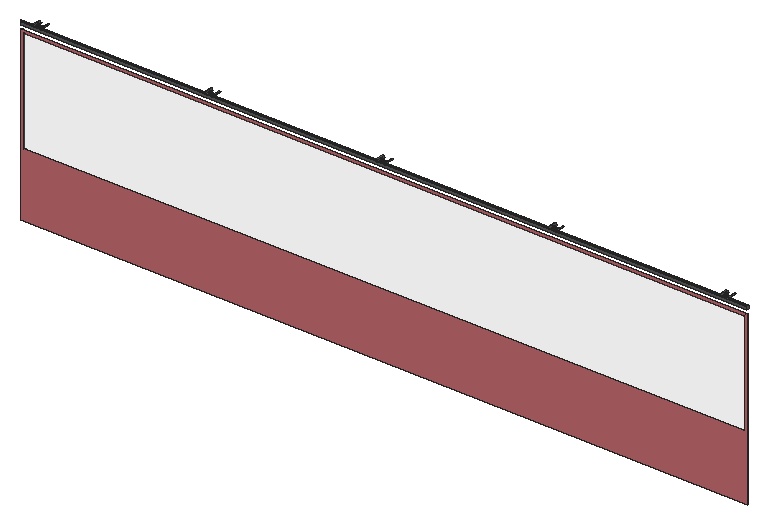
Revit family "Gymnasium_Equipment-Divider_Curtain-IPIbyBison-Walk_Draw-IP810", category Specialty Equipment, Revit 2026
Family settings
  Round Connector Dimension = Use Diameter
  Part Type = Normal
  Classification Number = 23.40.50.34.17
  Enable Cutting in Views = No
  Always vertical = Yes
  Cut with Voids When Loaded = No
  Maintain Annotation Orientation = No
  Shared = No
  Room Calculation Point = No
Parameters (values of type "IP810")
  stackBvis [instance] = and(Show not in use, Stack on Side B)  # no
  stackAvis [instance] = and(Show not in use, Stack on Side A)  # no
  meshvis [instance] = not(Show not in use)  # yes
  clampcount [instance] = if(Number of Clamps < 2, 2, Number of Clamps)  # 5
  Unit Weight [instance] = 0
  Unit Length [instance] = 90' - 0"
  URL = "https://ipibybison.com/"
  Stack on Side B [instance] = no
  Stack on Side A [instance] = yes
  Specification = "https://www.arcat.com/company/ipi-by-bison-38554/spec"
  Solid Vinyl Height [instance] = 8' - 0"
  Show not in use [instance] = no
  Product Page URL = "https://www.arcat.com/arcatcos/cos38/arc38554.html"
  Panel Material [instance] = Vinyl - Solid - IPI by Bison - Red
  Opening Height [instance] = 23' - 0"
  Number of Clamps [instance] = (Unit Length - (Clamp Inset from Edge * 2)) / Clamp Spacing + 1  # 5
  Model = "IP810"
  Mesh Material [instance] = Vinyl - Mesh - IPI by Bison - Gray
  Maximum Size = "Contact Manufacturer for limits"
  Manufacturer = "IPI by Bison"
  Keynote = "11 66 53"
  Frame Finish [instance] = Finish - IPI by Bison - Black
  Flange Width [instance] = 0' - 7"
  End Stack Length [instance] = 1' - 0"
  Description = "Gymnasium Roll Up Divider Curtain"
  Default Elevation = 0' - 0"
  Curtain Height [instance] = Opening Height - 1' 4" - 0' 6"  # 21' - 2"
  Copyright = "© 2023 ARCAT"  # constant formula
  Clamp Spacing [instance] = 22' - 0"
  Clamp Inset from Edge [instance] = 2' - 5"
  CAD Details = "https://www.arcat.com/company/ipi-by-bison-38554/cad"
  Available Options = "as Specified"
Reference planes (in)
  plane 1 "Center (Front/Back)": y = 0
  plane 2: z = 0
  plane 3 "Center (Left/Right)": x = 0
  plane 4: z = 270
  plane 5: x = -540
  plane 6: x = 540
  plane 7: x = -511
  plane 8: x = 511
  plane 9: z = 102
  plane 10: z = 6
  plane 11: z = 260
  plane 12: z = 256
  plane 13: x = -528
  plane 14: x = -528.125
  plane 15: x = -539.875
  plane 16: x = 528
  plane 17: x = 528.125
  plane 18: x = 539.875
Forms (in)
  Extrusion 1, solid, material "Finish - IPI by Bison - Black" <- "Frame Finish"
    sketch origin (0, 0, 0) x (0, 1, 0) y (0, 0, 1)
      loop
        line (-0.21099, 271.60682) -> (-0.21099, 270) -> (-1.625, 270) -> (-1.625, 266) -> (1.625, 266) -> (1.625, 270) -> (0.15625, 270) -> (0.15625, 271.60682) -> (-0.21099, 271.60682)
    from -540 to 540
  Extrusion 2, solid, material "Vinyl - Solid - IPI by Bison - Red" <- "Panel Material", visible <- "meshvis"
    sketch origin (0, 0, 0) x (1, 0, 0) y (0, 0, 1)
      loop
        line (-540, 260) -> (-540, 6) -> (540, 6) -> (540, 260) -> (-540, 260)
      loop
        line (-536, 102) -> (536, 102) -> (536, 256) -> (-536, 256) -> (-536, 102)
    from 0.125 to -0.125
  Extrusion 3, solid, material "Vinyl - Mesh - IPI by Bison - Gray" <- "Mesh Material", visible <- "meshvis"
    sketch origin (0, 0, 0) x (1, 0, 0) y (0, 0, 1)
      loop
        line (536, 102) -> (536, 256) -> (-536, 256) -> (-536, 102) -> (536, 102)
    from 0.125 to -0.125
  Extrusion 4, solid, visible <- "stackAvis"
    sketch origin (0, 0, 0) x (1, 0, 0) y (0, 1, 0)
      loop
        line (-540, 3.875) -> (-540, -0.25) -> (-539.75, -0.25) -> (-539.75, 3.875)
        arc (-539.75, 3.875) -> (-539.875, 4) -> (-540, 3.875) r 0.125
    from 102 to 256
  Extrusion 5, solid, material "Vinyl - Solid - IPI by Bison - Red" <- "Panel Material", visible <- "stackAvis"
    sketch origin (-581.0991, -180, 6) x (-1, 0, 0) y (0, -1, 0)
      loop
        line (-41.3491, -183.875) -> (-41.3491, -175.875) -> (-52.8491, -175.875) -> (-52.8491, -183.875) -> (-41.3491, -183.875)
    from 0 to 96
  Extrusion 6, solid, material "Vinyl - Solid - IPI by Bison - Red" <- "Panel Material", visible <- "stackBvis"
    sketch origin (-581.0991, -180, 6) x (-1, 0, 0) y (0, -1, 0)
      loop
        line (-1120.8491, -183.875) -> (-1109.3491, -183.875) -> (-1109.3491, -175.875) -> (-1120.8491, -175.875) -> (-1120.8491, -183.875)
    from 0 to 96
  Extrusion 7, solid, material "Vinyl - Mesh - IPI by Bison - Gray" <- "Mesh Material", visible <- "stackBvis"
    sketch origin (-581.0991, -180, 102) x (-1, 0, 0) y (0, -1, 0)
      loop
        line (-1120.8491, -183.875) -> (-1109.3491, -183.875) -> (-1109.3491, -175.875) -> (-1120.8491, -175.875) -> (-1120.8491, -183.875)
    from 0 to 154
  Extrusion 8, solid, material "Vinyl - Mesh - IPI by Bison - Gray" <- "Mesh Material", visible <- "stackAvis"
    sketch origin (-581.0991, -180, 102) x (-1, 0, 0) y (0, -1, 0)
      loop
        line (-52.8491, -183.875) -> (-41.3491, -183.875) -> (-41.3491, -175.875) -> (-52.8491, -175.875) -> (-52.8491, -183.875)
    from 0 to 154
  Extrusion 9, solid, material "Vinyl - Solid - IPI by Bison - Red" <- "Panel Material", visible <- "stackAvis"
    sketch origin (-430, -180, 256) x (0, -1, 0) y (-1, 0, 0)
      loop
        line (-183.875, 98.25) -> (-175.875, 98.25) -> (-175.875, 109.75) -> (-183.875, 109.75) -> (-183.875, 98.25)
    from 0 to -4
  Extrusion 10, solid, material "Vinyl - Solid - IPI by Bison - Red" <- "Panel Material", visible <- "stackBvis"
    sketch origin (-430, -180, 256) x (0, -1, 0) y (-1, 0, 0)
      loop
        line (-183.875, -958.25) -> (-183.875, -969.75) -> (-175.875, -969.75) -> (-175.875, -958.25) -> (-183.875, -958.25)
    from 0 to -4
Dimensions and locks (in)
  level to plane 4 = 0' - 6"
  equal spacing: plane 6, plane 3 "Center (Left/Right)", plane 5
  "Unit Length": plane 6 to plane 5
  "Clamp Inset from Edge": plane 7 to plane 5
  "Clamp Inset from Edge": plane 8 to plane 6
  equal spacing: group 1, group 3, group 4, group 5, group 2  (x3)
  locked: plane 10 to level at 6
  "Opening Height": level to level
  locked: plane 4 to plane 11 at 10
  locked: Extrusion 2 sketch curve to plane 6 at 4
  locked: Extrusion 2 sketch curve to plane 5 at 4
  locked: plane 11 to Extrusion 2 sketch curve at 4
  locked: plane 9 to Extrusion 3 sketch curve at 0
  locked: plane 11 to Extrusion 3 sketch curve at 4
  locked: Extrusion 3 sketch curve to plane 5 at 4
  locked: Extrusion 3 sketch curve to plane 6 at 4
  "Solid Vinyl Height": plane 9 to plane 10
  locked: plane 11 to plane 12 at 4
  "End Stack Length": plane 5 to plane 13
  locked: plane 5 to plane 15 at 0.125
  locked: plane 14 to plane 13 at 0.125
  locked: plane 17 to plane 16 at 0.125
  "End Stack Length": plane 16 to plane 6
  locked: plane 18 to plane 6 at 0.125
  locked: plane 16 to Extrusion 7 sketch curve at 0.25
  locked: Extrusion 7 sketch curve to plane 6 at 0.25
  locked: plane 16 to Extrusion 6 sketch curve at 0.25
  locked: Extrusion 6 sketch curve to plane 6 at 0.25
  locked: plane 5 to Extrusion 5 sketch curve at 0.25
  locked: Extrusion 5 sketch curve to plane 13 at 0.25
  locked: plane 5 to Extrusion 8 sketch curve at 0.25
  locked: Extrusion 8 sketch curve to plane 13 at 0.25
  locked: plane 5 to Extrusion 9 sketch curve at 0.25
  locked: Extrusion 9 sketch curve to plane 13 at 0.25
  locked: plane 16 to Extrusion 10 sketch curve at 0.25
  locked: Extrusion 10 sketch curve to plane 6 at 0.25
  aligned and locked: level to plane 2
  aligned and locked: plane 6 to Extrusion 1
  aligned and locked: plane 7 to nested 1
  aligned and locked: plane 8 to nested 2
  aligned and locked: Extrusion 1 to plane 5
  aligned and locked: plane 5 to Extrusion 2 sketch curve
  aligned and locked: Extrusion 2 sketch curve to plane 11
  aligned and locked: Extrusion 2 sketch curve to plane 6
  aligned and locked: plane 10 to Extrusion 2 sketch curve
  aligned and locked: Extrusion 4 to plane 12
  aligned and locked: Extrusion 4 to plane 9
  aligned and locked: nested 6 to plane 15
  aligned and locked: nested 7 to plane 14
  aligned and locked: nested 9 to plane 18
  aligned and locked: nested 8 to plane 17
  aligned and locked: plane 9 to Extrusion 6
  aligned and locked: plane 9 to Extrusion 5
  aligned and locked: Extrusion 7 to plane 12
  aligned and locked: Extrusion 8 to plane 12
  aligned and locked: plane 11 to Extrusion 9
  aligned and locked: plane 11 to Extrusion 10
Automatic sketch dimensions
  Extrusion 1 sketch curve to plane 4 = 0' - 0"  (x2)
  plane 1 "Center (Front/Back)" to Extrusion 1 sketch curve = 0' - 1 5/8"
  plane 1 "Center (Front/Back)" to Extrusion 1 sketch curve = 0' - 0.21099"
  Extrusion 1 sketch curve to plane 1 "Center (Front/Back)" = 0' - 0 5/32"
  Extrusion 1 sketch curve to Extrusion 1 sketch curve = 0' - 1 15/32"
  Extrusion 1 sketch curve to plane 4 = 0' - 4"
  Extrusion 1 sketch curve to Extrusion 1 sketch curve = 0' - 1.60682"
  Extrusion 2 sketch curve to plane 9 = 0' - 0"
  Extrusion 4 sketch curve to plane 5 = 0' - 0"
  Extrusion 4 sketch curve to plane 15 = 0' - 0"
  plane 1 "Center (Front/Back)" to Extrusion 4 sketch curve = 0' - 0 1/4"
  Extrusion 4 sketch curve to plane 1 "Center (Front/Back)" = 0' - 3 7/8"
  Extrusion 5 sketch curve to plane 1 "Center (Front/Back)" = 0' - 3 7/8"
  plane 1 "Center (Front/Back)" to Extrusion 5 sketch curve = 0' - 4 1/8"
  Extrusion 6 sketch curve to plane 1 "Center (Front/Back)" = 0' - 3 7/8"
  plane 1 "Center (Front/Back)" to Extrusion 6 sketch curve = 0' - 4 1/8"
  Extrusion 7 sketch curve to plane 1 "Center (Front/Back)" = 0' - 3 7/8"
  plane 1 "Center (Front/Back)" to Extrusion 7 sketch curve = 0' - 4 1/8"
  Extrusion 8 sketch curve to plane 1 "Center (Front/Back)" = 0' - 3 7/8"
  plane 1 "Center (Front/Back)" to Extrusion 8 sketch curve = 0' - 4 1/8"
  Extrusion 9 sketch curve to plane 1 "Center (Front/Back)" = 0' - 3 7/8"
  plane 1 "Center (Front/Back)" to Extrusion 9 sketch curve = 0' - 4 1/8"
  Extrusion 10 sketch curve to plane 1 "Center (Front/Back)" = 0' - 3 7/8"
  plane 1 "Center (Front/Back)" to Extrusion 10 sketch curve = 0' - 4 1/8"
Nested families (in)
  nested 1: "WalkerClamp" at (-511, 0, 276), Flange Width <- "Flange Width", finish <- "Frame Finish", type "WalkerClamp"
    with finish Finish - IPI by Bison - Black, Flange Width 0' - 7"
  nested 2: "WalkerClamp" at (511, 0, 276), Flange Width <- "Flange Width", finish <- "Frame Finish", type "WalkerClamp"
    with finish Finish - IPI by Bison - Black, Flange Width 0' - 7"
  nested 3: "WalkerClamp" at (-255.5, 0, 276), Flange Width <- "Flange Width", finish <- "Frame Finish", type "WalkerClamp"
    with finish Finish - IPI by Bison - Black, Flange Width 0' - 7"
  nested 4: "WalkerClamp" at (0, 0, 276), Flange Width <- "Flange Width", finish <- "Frame Finish", type "WalkerClamp"
    with finish Finish - IPI by Bison - Black, Flange Width 0' - 7"
  nested 5: "WalkerClamp" at (255.5, 0, 276), Flange Width <- "Flange Width", finish <- "Frame Finish", type "WalkerClamp"
    with finish Finish - IPI by Bison - Black, Flange Width 0' - 7"
  nested 6: "WalkerCurtain" at (-539.875, -0.125, 0), mesh <- "Mesh Material", vinyl <- "Panel Material", curtain height <- "Curtain Height", solid height <- "Solid Vinyl Height", splitcenterAMat <- "Panel Material", splitcenterBMat <- "Mesh Material", visible <- "stackAvis", type "WalkerCurtain"
    with vinyl Vinyl - Solid - IPI by Bison - Red, splitcenterBMat Vinyl - Mesh - IPI by Bison - Gray, splitcenterB yes, splitcenterAMat Vinyl - Solid - IPI by Bison - Red, splitcenterA yes, solid height 8' - 0", mesh Vinyl - Mesh - IPI by Bison - Gray, fullcenter no, curtain height 21' - 2", base offset 0' - 6"
  nested 7: "WalkerCurtain" at (-528.125, -0.125, 0), mesh <- "Mesh Material", vinyl <- "Panel Material", curtain height <- "Curtain Height", solid height <- "Solid Vinyl Height", splitcenterAMat <- "Mesh Material", splitcenterBMat <- "Panel Material", visible <- "stackAvis", type "WalkerCurtain"
    with vinyl Vinyl - Solid - IPI by Bison - Red, splitcenterBMat Vinyl - Solid - IPI by Bison - Red, splitcenterB yes, splitcenterAMat Vinyl - Mesh - IPI by Bison - Gray, splitcenterA yes, solid height 8' - 0", mesh Vinyl - Mesh - IPI by Bison - Gray, fullcenter no, curtain height 21' - 2", base offset 0' - 6"
  nested 8: "WalkerCurtain" at (528.125, -0.125, 0), mesh <- "Mesh Material", vinyl <- "Panel Material", curtain height <- "Curtain Height", solid height <- "Solid Vinyl Height", splitcenterAMat <- "Mesh Material", splitcenterBMat <- "Panel Material", visible <- "stackBvis", type "WalkerCurtain"
    with vinyl Vinyl - Solid - IPI by Bison - Red, splitcenterBMat Vinyl - Solid - IPI by Bison - Red, splitcenterB yes, splitcenterAMat Vinyl - Mesh - IPI by Bison - Gray, splitcenterA yes, solid height 8' - 0", mesh Vinyl - Mesh - IPI by Bison - Gray, fullcenter no, curtain height 21' - 2", base offset 0' - 6"
  nested 9: "WalkerCurtain" at (539.875, -0.125, 0), mesh <- "Mesh Material", vinyl <- "Panel Material", curtain height <- "Curtain Height", solid height <- "Solid Vinyl Height", splitcenterAMat <- "Panel Material", splitcenterBMat <- "Mesh Material", visible <- "stackBvis", type "WalkerCurtain"
    with vinyl Vinyl - Solid - IPI by Bison - Red, splitcenterBMat Vinyl - Mesh - IPI by Bison - Gray, splitcenterB yes, splitcenterAMat Vinyl - Solid - IPI by Bison - Red, splitcenterA yes, solid height 8' - 0", mesh Vinyl - Mesh - IPI by Bison - Gray, fullcenter no, curtain height 21' - 2", base offset 0' - 6"
Definition of nested family "WalkerClamp"
  Parameters (values of type "WalkerClamp")
    finish [instance] = none
    Flange Width [instance] = 0' - 7.17426"
    Default Elevation = 4' - 0"
  Reference planes (in)
    plane 1 "Center (Front/Back)": y = 0
    plane 2: z = 0
    plane 3 "Center (Left/Right)": x = 0
    plane 4: x = -5.5
    plane 5: x = 5.5
    plane 6: y = -3.67426
    plane 7: y = 3.5
    plane 8: y = 6
    plane 9: y = -6.17426
    plane 10: z = -6
  Forms (in)
    Extrusion 1, solid, material <- "finish"
      sketch origin (0, 0, 0) x (1, 0, 0) y (0, 0, 1)
        loop
          line (-5.3125, 0.5) -> (-7.5, 0.5) -> (-7.5, -0.1875) -> (-5.6875, -0.1875) -> (-5.6875, -2) -> (-3.5, -2) -> (-3.5, -1.8125) -> (-5.3125, -1.8125) -> (-5.3125, 0.5)
        loop
          line (5.3125, 0.5) -> (5.3125, -1.8125) -> (3.5, -1.8125) -> (3.5, -2) -> (5.6875, -2) -> (5.6875, -0.1875) -> (7.5, -0.1875) -> (7.5, 0.5) -> (5.3125, 0.5)
      from -6 to 6.17426
    Extrusion 2, solid, material <- "finish"
      sketch origin (0, 0, 0) x (1, 0, 0) y (0, 0, 1)
        loop
          line (-5.3125, -1.8125) -> (5.3125, -1.8125) -> (5.3125, -0.3125) -> (5.0625, -0.3125) -> (5.0625, -1.5625) -> (-5.0625, -1.5625) -> (-5.0625, -0.3125) -> (-5.3125, -0.3125) -> (-5.3125, -1.8125)
      from 1 to -1
    Extrusion 3, solid, material <- "finish"
      sketch origin (-0.0004, 0.0004, 0) x (1, 0, 0) y (0, 0, 1)
        loop
          line (-0.11872, -2) -> (-0.11872, -2.7356)
          arc (-0.11872, -2.7356) -> (-0.00648, -3.72126) -> (0.13128, -2.73884) r 0.5
          line (0.13128, -2.73884) -> (0.13128, -2) -> (-0.11872, -2)
        loop
          circle (0, -3.2213) r 0.38666
      from 0.25 to -0.25
    Extrusion 4, solid, material <- "finish"
      sketch origin (0, 0, 0) x (0, 1, 0) y (0, 0, 1)
        loop
          arc (-0.45061, -4.46728) -> (0.29445, -4.78174) -> (0, -4.02855) r 0.43889
          arc (0, -4.02855) -> (-0.21668, -3.56805) -> (0.24382, -3.78473) r 0.27046
          line (0.24382, -3.78473) -> (0.42717, -3.78473)
          arc (0.42717, -3.78473) -> (-0.32617, -3.47856) -> (0, -4.22346) r 0.43889
          arc (0, -4.22346) -> (0.14295, -4.66177) -> (-0.27505, -4.46728) r 0.25135
          line (-0.27505, -4.46728) -> (-0.45061, -4.46728)
      from 0.125 to -0.125
  Dimensions and locks (in)
    plane 5 to plane 3 "Center (Left/Right)" to plane 4 = 0' - 5 1/2", 0' - 5 1/2"
    "Flange Width": plane 6 to plane 7
    locked: plane 7 to plane 8 at 2.5
    locked: plane 9 to plane 6 at 2.5
    level to plane 10 = 0' - 6"
    Extrusion 2 sketch curve to Extrusion 2 sketch curve to plane 4 = 0' - 0 1/4" locked, 0' - 0 3/16" locked
    plane 5 to Extrusion 2 sketch curve to Extrusion 2 sketch curve = 0' - 0 3/16" locked, 0' - 0 1/4" locked
    aligned and locked: plane 2 to level
    aligned and locked: Extrusion 1 to plane 8
    aligned and locked: Extrusion 1 to plane 9
  Automatic sketch dimensions
    level to Extrusion 1 sketch curve = 0' - 0 1/2"  (x2)
    Extrusion 1 sketch curve to plane 4 = 0' - 2"
    Extrusion 1 sketch curve to plane 4 = 0' - 0 3/16"
    plane 4 to Extrusion 1 sketch curve = 0' - 0 3/16"
    Extrusion 1 sketch curve to Extrusion 1 sketch curve = 0' - 1 13/16"  (x2)
    Extrusion 1 sketch curve to plane 5 = 0' - 2"
    Extrusion 1 sketch curve to plane 5 = 0' - 0 3/16"
    plane 5 to Extrusion 1 sketch curve = 0' - 0 3/16"
    Extrusion 1 sketch curve to level = 0' - 0 3/16"  (x2)
    Extrusion 1 sketch curve to Extrusion 1 sketch curve = 0' - 1 5/8"  (x2)
    Extrusion 1 sketch curve to Extrusion 1 sketch curve = 0' - 0 3/16"  (x2)
    Extrusion 2 sketch curve to level = 0' - 1 13/16"
    Extrusion 2 sketch curve to Extrusion 2 sketch curve = 0' - 0 1/4"
    Extrusion 2 sketch curve to level = 0' - 0 5/16"  (x2)
    Extrusion 3 sketch curve to Extrusion 3 sketch curve = 0' - 0"  (x2)
    Extrusion 3 sketch curve to plane 3 "Center (Left/Right)" = 0' - 0.11913"
    Extrusion 3 sketch curve to plane 3 "Center (Left/Right)" = 0' - 0.0004"
    plane 3 "Center (Left/Right)" to Extrusion 3 sketch curve = 0' - 0.13087"
    plane 10 to Extrusion 3 sketch curve = 0' - 2.7787"
    Extrusion 3 sketch curve to Extrusion 3 sketch curve = 0' - 0.48246"
    Extrusion 3 sketch curve to Extrusion 3 sketch curve = 0' - 0.7356"
    Extrusion 4 sketch curve to plane 1 "Center (Front/Back)" = 0' - 0"  (x2)
    plane 1 "Center (Front/Back)" to Extrusion 4 sketch curve = 0' - 0 3/256"  (x2)
    Extrusion 4 sketch curve to Extrusion 4 sketch curve = 0' - 0.01206"
    plane 1 "Center (Front/Back)" to Extrusion 4 sketch curve = 0' - 0.02544"
    Extrusion 4 sketch curve to plane 1 "Center (Front/Back)" = 0' - 0.24382"
    Extrusion 4 sketch curve to Extrusion 4 sketch curve = 0' - 0.18335"
    plane 10 to Extrusion 4 sketch curve = 0' - 1.52632"
    Extrusion 4 sketch curve to Extrusion 4 sketch curve = 0' - 0.0064"
    Extrusion 4 sketch curve to Extrusion 4 sketch curve = 0' - 0.02544"
    Extrusion 4 sketch curve to Extrusion 4 sketch curve = 0' - 0.17555"
    radius of Extrusion 3 sketch curve = 0' - 0.38666"
Definition of nested family "WalkerCurtain"
  Parameters (values of type "WalkerCurtain")
    vinyl [instance] = none
    splitcenterBMat [instance] = none
    splitcenterB [instance] = yes
    splitcenterAMat [instance] = none
    splitcenterA [instance] = yes
    solid height [instance] = 0' - 4 3/4"
    mesh [instance] = none
    fullcenter [instance] = yes
    curtain height [instance] = 1' - 9.01013"
    base offset [instance] = 0' - 6"
    Default Elevation = 0' - 0"
  Reference planes (in)
    plane 1 "Center (Front/Back)": y = 0
    plane 2: z = 0
    plane 3 "Center (Left/Right)": x = 0
    plane 4: z = 6
    plane 5: z = 27.01013
    plane 6: z = 23.01013
    plane 7: z = 10.75
  Forms (in)
    Extrusion 1, solid, material <- "vinyl"
      sketch origin (0, 0, 0) x (1, 0, 0) y (0, 1, 0)
        loop
          arc (-0.125, -4) -> (0, -4.125) -> (0.125, -4) r 0.125
          line (0.125, -4) -> (0.125, 4)
          arc (0.125, 4) -> (0, 4.125) -> (-0.125, 4) r 0.125
          line (-0.125, 4) -> (-0.125, -4)
      from 6 to 27.01013
    Extrusion 2, void
      sketch origin (0, 0, 0) x (1, 0, 0) y (0, 0, 1)
        loop
          line (-0.57705, 23.01013) -> (-0.57705, 10.75) -> (3.45825, 10.75) -> (3.45825, 23.01013) -> (-0.57705, 23.01013)
      from -6.76412 to 4.97859
    Extrusion 3, solid, material <- "mesh", visible <- "fullcenter"
      sketch origin (0, 0, 0) x (1, 0, 0) y (0, 1, 0)
        loop
          line (0.125, -4) -> (0.125, 4)
          arc (0.125, 4) -> (0, 4.125) -> (-0.125, 4) r 0.125
          line (-0.125, 4) -> (-0.125, -4)
          arc (-0.125, -4) -> (0, -4.125) -> (0.125, -4) r 0.125
      from 10.75 to 23.01013
    Extrusion 4, solid, material <- "splitcenterAMat", visible <- "splitcenterA"
      sketch origin (0, 0, 0) x (1, 0, 0) y (0, 1, 0)
        loop
          line (0.125, -4) -> (0.125, 0) -> (-0.125, 0) -> (-0.125, -4)
          arc (-0.125, -4) -> (0, -4.125) -> (0.125, -4) r 0.125
      from 10.75 to 23.01013
    Extrusion 5, solid, material <- "splitcenterBMat", visible <- "splitcenterB"
      sketch origin (0, 0, 0) x (1, 0, 0) y (0, 1, 0)
        loop
          arc (0.125, 4) -> (0, 4.125) -> (-0.125, 4) r 0.125
          line (-0.125, 4) -> (-0.125, 0) -> (0.125, 0) -> (0.125, 4)
      from 10.75 to 23.01013
  Cuts and joins
    Extrusion 2 cuts Extrusion 1
  Dimensions and locks (in)
    "base offset": plane 4 to level
    "curtain height": plane 5 to plane 4
    locked: plane 5 to plane 6 at 4
    "solid height": plane 7 to plane 4
    aligned and locked: plane 2 to level
    aligned and locked: plane 5 to Extrusion 1
    aligned and locked: plane 4 to Extrusion 1
    aligned and locked: Extrusion 2 sketch curve to plane 6
    aligned and locked: plane 7 to Extrusion 2 sketch curve
    aligned and locked: plane 6 to Extrusion 3
    aligned and locked: Extrusion 3 to plane 7
    aligned and locked: plane 6 to Extrusion 4
    aligned and locked: Extrusion 4 to plane 7
    aligned and locked: plane 6 to Extrusion 5
    aligned and locked: Extrusion 5 to plane 7
  Automatic sketch dimensions
    Extrusion 1 sketch curve to plane 3 "Center (Left/Right)" = 0' - 0"
    Extrusion 1 sketch curve to plane 3 "Center (Left/Right)" = 0' - 0 1/8"
    plane 1 "Center (Front/Back)" to Extrusion 1 sketch curve = 0' - 4"
    Extrusion 1 sketch curve to plane 1 "Center (Front/Back)" = 0' - 4"
    Extrusion 2 sketch curve to plane 3 "Center (Left/Right)" = 0' - 0.57705"
    plane 3 "Center (Left/Right)" to Extrusion 2 sketch curve = 0' - 3.45825"
    Extrusion 3 sketch curve to plane 3 "Center (Left/Right)" = 0' - 0"
    Extrusion 3 sketch curve to plane 3 "Center (Left/Right)" = 0' - 0 1/8"
    plane 1 "Center (Front/Back)" to Extrusion 3 sketch curve = 0' - 4"
    Extrusion 3 sketch curve to plane 1 "Center (Front/Back)" = 0' - 4"
    plane 1 "Center (Front/Back)" to Extrusion 4 sketch curve = 0' - 0"
    Extrusion 4 sketch curve to plane 3 "Center (Left/Right)" = 0' - 0"
    Extrusion 4 sketch curve to Extrusion 4 sketch curve = 0' - 0 1/8"
    plane 1 "Center (Front/Back)" to Extrusion 4 sketch curve = 0' - 4"
    plane 1 "Center (Front/Back)" to Extrusion 5 sketch curve = 0' - 0"
    Extrusion 5 sketch curve to plane 3 "Center (Left/Right)" = 0' - 0"
    Extrusion 5 sketch curve to Extrusion 5 sketch curve = 0' - 0 1/8"
    plane 1 "Center (Front/Back)" to Extrusion 5 sketch curve = 0' - 4"
